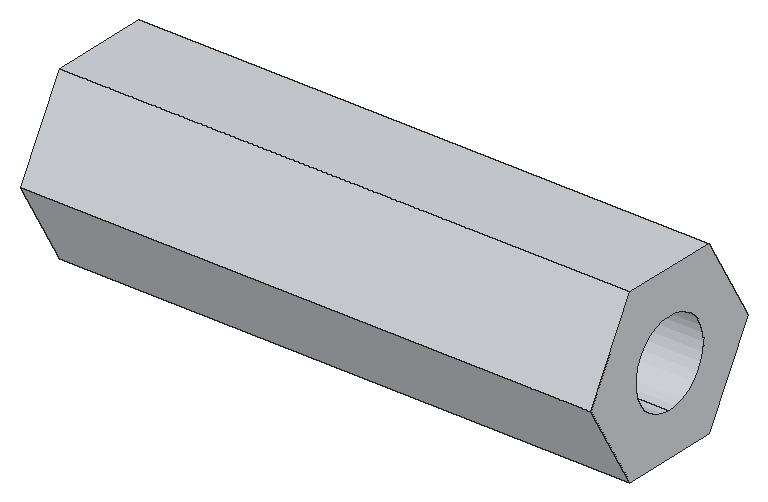
Revit family "TR3010", category Verbindungsmittel, Revit 2021
Family settings
  OmniClass-Nummer = 23.25.10.27.11.21
  OmniClass-Titel = Reinforcement Couplers
  Arbeitsebenenbasiert = Nein
  Immer vertikal = Nein
  Beim Laden mit Abzugskörper schneiden = Nein
  Gemeinsam genutzt = Nein
Parameters (values of type "TR 3010-ø18")
  URL = "http//:www.annahuette.com"
  Typenkommentare = "TR 3010 - Sechskantmuffe, lang"
  Typenbild = TR3010.png
  TR3010-ød = 18 mm
  TR3010-SW_Vis = [TR3010-SW] = [TR3010-SW]  # yes
  TR3010-SW = 36 mm
  TR3010-L_Vis = [TR3010-L] = [TR3010-L]  # yes
  TR3010-L = 120 mm
  TR3010-G_Vis = [TR3010-G] = [TR3010-G]  # yes
  TR3010-G = 0.78 kg
  Stabgröße 2 = SAS 670 - ø18
  Stabgröße 1 = SAS 670 - ø18
  Modell = "TR 3010"
  Körper = if([TR3010-G_Vis], [TR3010-G], 0.00 kg)  # 0,78 kg
  Hersteller = "Stahlwerk Annahütte Max Aicher GmbH Co.KG"
  Gesamtlänge = if([TR3010-L_Vis], [TR3010-L], 0 mm)  # 120 mm
  Endenbearbeitung 2 = Mit Gewinde
  Endenbearbeitung 1 = Mit Gewinde
  Einfassung Stab 2 = [TR3010-L] / 2  # 60 mm
  Einfassung Stab 1 = [TR3010-L] / 2  # 60 mm
  Beschreibung = "TR3010-ø18"
  Außendurchmesser = if([TR3010-SW_Vis], [TR3010-SW], 0 mm)  # 36 mm
Types (8, lengths in mm): name | TR3010-ød | TR3010-SW | TR3010-L | TR3010-G | Stabgröße 2 | Stabgröße 1 | Körper | Gesamtlänge | Einfassung Stab 2 | Einfassung Stab 1 | Beschreibung | Außendurchmesser
  (no name) | 18 | 36 | 120 | 0.78 kg | SAS 670 - ø18 | SAS 670 - ø18 | 0.78 (stored number, unit not read) | 120 | 0.19685 (stored number, unit not read) | 0.19685 (stored number, unit not read) | "TR3010-ø18" | 36
  TR 3010-ø18 | 18 | 36 | 120 | 0.78 kg | SAS 670 - ø18 | SAS 670 - ø18 | 0,78 kg | 120 | 60 mm | 60 mm | "TR3010-ø18" | 36
  TR 3010-ø22 | 22 | 41 | 135 | 1.08 kg | SAS 670 - ø22 | SAS 670 - ø22 | 1,08 kg | 135 | 68 mm | 68 mm | "TR3010-ø22" | 41
  TR 3010-ø25 | 25 | 46 | 150 | 1.49 kg | SAS 670 - ø25 | SAS 670 - ø25 | 1,49 kg | 150 | 75 mm | 75 mm | "TR3010-ø25" | 46
  TR 3010-ø28 | 28 | 50 | 170 | 1.96 kg | SAS 670 - ø28 | SAS 670 - ø28 | 1,96 kg | 170 | 85 mm | 85 mm | "TR3010-ø28" | 50
  TR 3010-ø30 | 30 | 55 | 185 | 2.63 kg | SAS 670 - ø30 | SAS 670 - ø30 | 2,63 kg | 185 | 93 mm | 93 mm | "TR3010-ø30" | 55
  TR 3010-ø35 | 35 | 60 | 210 | 3.36 kg | SAS 670 - ø35 | SAS 670 - ø35 | 3,36 kg | 210 | 105 mm | 105 mm | "TR3010-ø35" | 60
  TR 3010-ø43 | 43 | 79 | 245 | 7.27 kg | SAS 670 - ø43 | SAS 670 - ø43 | 7,27 kg | 245 | 123 mm | 123 mm | "TR3010-ø43" | 79
Reference planes
  plane 1: y = 0
  plane 2: z = 0
  plane 3: x = 0
  plane 4: through (-1200, 0, 0) normal (0, -0.866, -0.5)
  plane 5: through (-1200, 0, 0) normal (0, -0.866, 0.5)
Forms (mm)
  Extrusion 1, solid
    sketch origin (0, 0, 0) x (0, 0, 1) y (0, 1, 0)
      loop
        line (-18, -10.392) -> (0, -20.785) -> (18, -10.392) -> (18, 10.392) -> (0, 20.785) -> (-18, 10.392) -> (-18, -10.392)
      loop
        circle (0, 0) r 9
    from 0 to 120 <- "TR3010-L"
Dimensions and locks
  "TR3010-SW": Extrusion 1 sketch curve to Extrusion 1 sketch curve  (x3)
  "Gesamtlänge": Extrusion 1 to plane 3
  "TR3010-ød": diameter of Extrusion 1 sketch curve
  angle plane 4 to plane 5 = 60.00°
Automatic sketch dimensions
  plane 4 to Extrusion 1 sketch curve = 0 mm  (x2)
  Extrusion 1 sketch curve to plane 5 = 0 mm
  Extrusion 1 sketch curve to level = 0 mm  (x3)
  Extrusion 1 sketch curve to plane 1 = 0 mm
